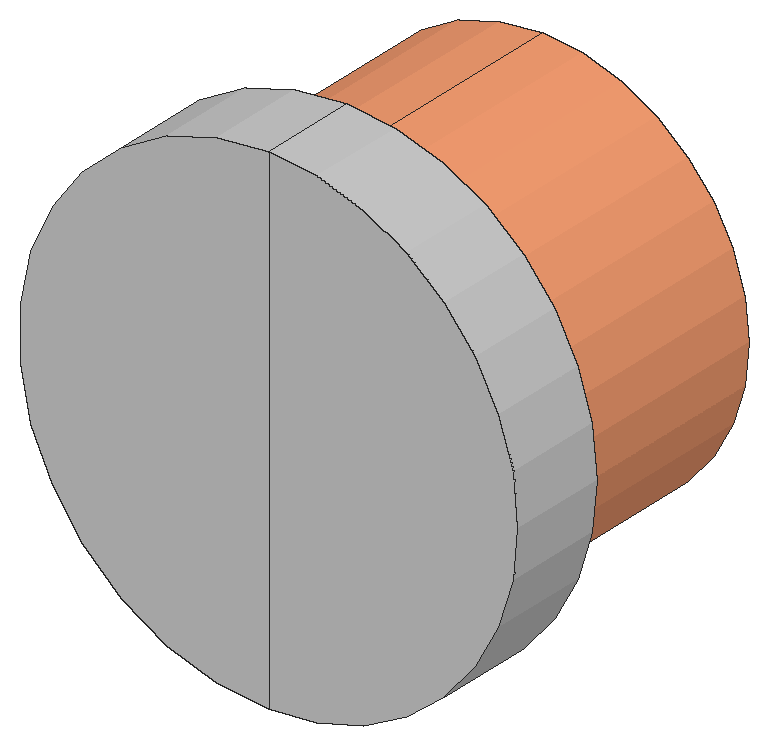
Revit family "901711", category Plumbing Fixtures, Revit 2015
Reference planes
  plane 1 "Center (Front/Back)": y = 0
  plane 2: z = 0
  plane 3 "Center (Left/Right)": x = 0
Dimensions and locks
  aligned and locked: level to plane 2
Nested families
  nested 1: "901711 Body" at (0, 0, 0), type "901711 Body"
Definition of nested family "901711 Body"
  Reference planes
    plane 1 "Center (Front/Back)": y = 0
    plane 2: z = 0
    plane 3 "Center (Left/Right)": x = 0
  Forms (mm)
    Revolve 1, solid
      sketch origin (0, 0, 0) x (0, 1, 0) y (0, 0, 1)
        loop
          line (0, 0) -> (0, 21) -> (-25, 21) -> (-25, 25.5) -> (-35, 25.5) -> (-35, 0) -> (0, 0)
        axis (0, 0) -> (-35, 0)
      angle from 0 to 360
    Revolve 2, void
      sketch origin (0, 0, 0) x (0, 1, 0) y (0, 0, 1)
        loop
          line (0, 12.552) -> (0, 19.153) -> (-9.138, 19.153) -> (-9.138, 16.255) -> (-14.934, 16.255) -> (-14.934, 12.552) -> (0, 12.552)
        axis (0, 12.552) -> (-14.934, 12.552)
      angle from 0 to 360
    Revolve 3, void
      sketch origin (0, 1.424, -22.979) x (0, 1, 0) y (0, 0, 1)
        loop
          line (0, 12.552) -> (0, 19.153) -> (-9.138, 19.153) -> (-9.138, 16.255) -> (-14.934, 16.255) -> (-14.934, 12.552) -> (0, 12.552)
        axis (0, 12.552) -> (-14.934, 12.552)
      angle from 0 to 360
  Cuts and joins
    Revolve 2, Revolve 3 cuts Revolve 1
  Dimensions and locks
    aligned and locked: level to plane 2
